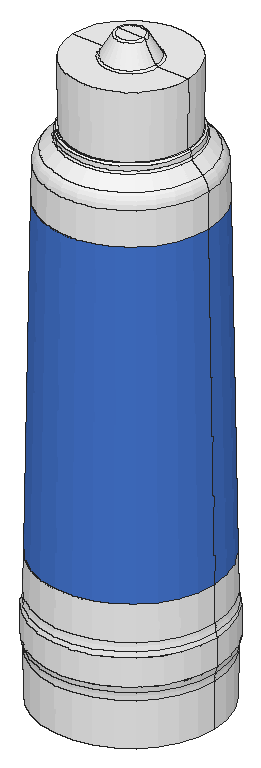
Revit family "Grohe_PlumbingFixture_Blue_Filter_MSize_404300011", category Plumbing Fixtures, host Face, Revit 2018
Family settings
  Host = Face
  Round Connector Dimension = Use Diameter
  Part Type = Normal
  OmniClass Number = 23.45.55.17
  OmniClass Title = Mixing Faucets
  Cut with Voids When Loaded = No
  Shared = No
  Room Calculation Point = No
Parameters (values of type "40430001")
  _ObjectUserGuide = "www.bimstore.co"
  _DistributedBy = "www.bimstore.co"
  _CurrentRevision = 1
  _CreatedBy = "www.bimstore.co"
  _BimSpecGuid = 0
  _BSBibleVersion = 16
  _AuthorizedBy = "bimstore"
  _Author = "RL"
  WarrantyStartDate [instance] = "Please record on commissioning."
  WarrantyGuarantorParts = "info-uk@grohe.com"
  WarrantyGuarantorLabor = "info-uk@grohe.com"
  WarrantyDurationUnit = "Years"
  WarrantyDurationParts = "0"
  WarrantyDurationLabor = "0"
  WarrantyDescription = "n/a"
  URL = "www.grohe.com"
  TypeName = Type Comments  # "40430001"
  Type Comments = "40430001"
  SpareParts = "info-uk@grohe.com"
  Size = "n/a"
  Shape = "n/a"
  SerialNumber [instance] = "Please record on commissioning."
  ReplacementCost = "n/a"
  ReferencedStandard = "n/a"
  Rad = 5 mm
  ProductionYear = "2020"
  ProductPageURL = "https://www.grohe.co.uk/en_gb/blue-accessories-filter-m-size-40430001.html"
  ProductDocumentationLink = "https://cdn.cloud.grohe.com/tpi/2000/2000/2040/2046/2046167/original/2046167.pdf?_ga=2.234750814.1142665502.1594021426-542773349.1591556158"
  PipeMaterial = GroheLimited-Pipework
  PercentageOfRecycledContent = "n/a"
  NominalLength = 0 mm
  NominalHeight = 0 mm
  NominalDepth = 0 mm
  NBSReference = "45-35-70/371"
  NBSOfficeMasterTag = "n/a"
  NBSObjectName = "Grohe - Water supply fittings for wash basins and troughs"
  NBSNote = ""
  NBSDescription = "Washbasin taps"
  ModelReference = Model  # "Blue Filter M-Size"
  ModelNumber = Type Comments  # "40430001"
  Model = "Blue Filter M-Size"
  Material = "n/a"
  MasterformatTitle = "Sanitary Facilities"
  MasterformatNumber = "01 52 19"
  ManufacturerName = "Grohe"
  Manufacturer = "Grohe"
  LowEmittingMaterial = no
  LEEDCredit = "n/a"
  Keynote = "N13"
  InstallationDate [instance] = "Please record on commissioning."
  IndustryStandards = "n/a"
  IfcExportType = "IfcPipeFittingType"
  IfcExportAs = "IfcPipeFitting"
  HotWaterConnectionDiameter = 10 mm
  HWFU = 4.5
  Grade = "n/a"
  Finish = "n/a"
  Features = "BWT replacement filter for GROHE Blue Capacity 1500 L at 20° dKH 5-stage filter compatible with GROHE Blue Home, GROHE Blue Professional and GROHE Blue Pure"
  FaucetMaterial = Grohe-Chrome
  ExpectedLife = 0
  Ecojoy = no
  DurationUnit = "Years"
  DocumentationTechnical = "www.bimstore.co"
  DocumentationMaintenance = "www.bimstore.co"
  DocumentationLiterature = "www.bimstore.co"
  DocumentationInstallationGuide = "www.bimstore.co"
  DocumentationCertificates = "www.bimstore.co"
  Description = "GROHE Blue Filter M-Size"
  Default Elevation = 0 mm
  CreatedOn = "2020-06-01T09:00:00"
  CreatedBy = "info-uk@grohe.com"
  Cost = 0
  ContactGrohe = "info-uk@grohe.com"
  Constituents = "n/a"
  Color = "n/a"
  ColdWaterConnectionDiameter = 10 mm
  CodePerformance = "n/a"
  ClassificationValue = "Pr_40_20_87_98"
  ClassificationName = "Uniclass 2015"
  CWFU = 4.5
  BarCode [instance] = "Please record on commissioning."
  BIMObjectName = "Grohe_PlumbingFixture_Blue_Filter_MSize_40430001"
  AssetType = "Fixed"
  AssetIdentifier [instance] = "Please record on commissioning."
  Assembly Code = "D2010"
  AccessibilityPerformance = "n/a"
  ADACompliant = no
Reference planes
  plane 1 "Center (Front/Back)": y = 0
  plane 2: z = 0
  plane 3 "Center (Left/Right)": x = 0
  plane 4 "Bitton": through (0, 8.407, 70.796) normal (0, -0.6947, 0.7193)
  plane 5: z = 315
Forms (mm)
  Revolve 1, solid, material "Grohe-Blue"
    sketch origin (0, 0, 0) x (1, 0, 0) y (0, 0, 1)
      loop
        line (-41.476, 236.519) -> (-44.408, 68.505) -> (0, 68.505) -> (0, 236.519) -> (-41.476, 236.519)
      axis (0, 68.505) -> (0, 236.519)
    angle from 0 to 360
  Revolve 2, solid, material "Grohe-White"
    sketch origin (0, 0, 0) x (1, 0, 0) y (0, 0, 1)
      loop
        line (-44.611, 22.813) -> (-44.412, 0) -> (0, 0) -> (0, 68.505) -> (-44.408, 68.505) -> (-44.724, 50.427)
        arc (-44.724, 50.427) -> (-44.884, 48.392) -> (-45.291, 46.393) r 16.715
        line (-45.291, 46.393) -> (-45.967, 43.869) -> (-45.967, 29.93) -> (-45.18, 26.993)
        arc (-45.18, 26.993) -> (-44.763, 24.921) -> (-44.611, 22.813) r 16.715
      axis (0, 0) -> (0, 68.505)
    angle from 0 to 360
  Revolve 3, solid, material "Grohe-White"
    sketch origin (0, 0, 0) x (1, 0, 0) y (0, 0, 1)
      loop
        line (-41.174, 253.799) -> (-41.476, 236.519) -> (0, 236.519) -> (0, 315) -> (-6.565, 315)
        arc (-6.565, 315) -> (-7.192, 314.832) -> (-7.651, 314.373) r 1.254
        line (-7.651, 314.373) -> (-13.345, 304.511)
        arc (-13.345, 304.511) -> (-13.804, 304.052) -> (-14.43, 303.884) r 1.254
        line (-14.43, 303.884) -> (-30.555, 303.884) -> (-30.264, 270.622) -> (-31.258, 270.622) -> (-32.093, 269.786) -> (-32.093, 267.553)
        arc (-32.093, 267.553) -> (-32.221, 266.913) -> (-32.583, 266.371) r 1.672
        line (-32.583, 266.371) -> (-38.238, 260.716)
        arc (-38.238, 260.716) -> (-40.378, 257.543) -> (-41.174, 253.799) r 10.029
      axis (0, 236.519) -> (0, 315)
    angle from 0 to 360
Dimensions and locks
  aligned and locked: plane 2 to host face
  aligned and locked: level to host face
